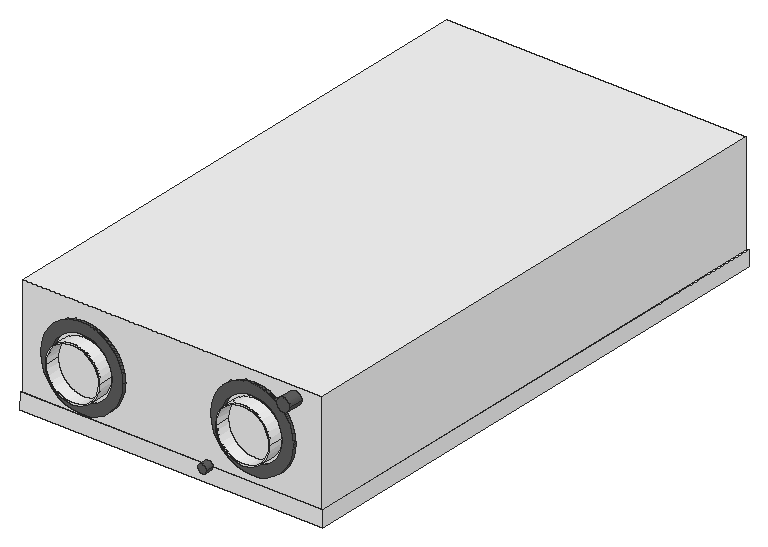
Revit family "result", category Mechanical Equipment, Revit 2022
Family settings
  Round Connector Dimension = Use Radius
  Part Type = Normal
  OmniClass Number = 23.75.10.00
  OmniClass Title = Transformation and Conversion of Energy
  Work Plane-Based = No
  Always vertical = No
  Cut with Voids When Loaded = No
  Maintain Annotation Orientation = No
  Shared = No
  Room Calculation Point = No
Parameters (values of type "-1-NEMBUS 210 R8  - Heat Recovery Units")
  spTamañoVentilador = 0 mm
  spRevision = ""
  spReferencia = ""
  spPresionSonoraRadiado = ""
  spPresionSonoraDescarga = ""
  spPresionSonoraAspiracion = ""
  spPotenciaUtil_Solucion = 0 W
  spPotenciaSonoraRadiado = ""
  spPotenciaSonoraDescarga = ""
  spPotenciaSonoraAspiracion = ""
  spPotenciaEspecifico_Solucion = ""
  spPotenciaElectrica_Solucion = 0 W
  spPosicion = ""
  spNombreProyecto = ""
  spLineaProyectoURL = ""
  spIntensidadMaximaAbsorbida = 0 A
  spIdProyecto = ""
  spDistanciaSonora = ""
  spDescripcionProductoEasyvent = ""
  spDescripcionComercialProducto = ""
  spConfiguracionProductoGenerico = ""
  spCodigoProductoEasyvent = ""
  spCodigoComercialProducto = ""
  spClaseMotor = ""
  spCantidadTotalProducto = ""
  spCantidadProducto = ""
  Total Flow [instance] = Flow 1 + Flow 2 + Flow 3 + Flow 4  # 0.0 L/s
  Radius Connector 1 = PE / 2  # 62.5 mm
  PowerFactor = 0.00%
  VelocidadRotacionNominal = ""
  Uniclass2.0Titulo = "Heat recovery distribution equipment"  # constant formula
  Uniclass2.0Codigo = "Pr_60_60_36"  # constant formula
  URLProducto = "https://www.solerpalau.com/"
  UNSPSCTitulo = "HVAC ventilation and duct work construction service"  # constant formula
  UNSPSCCodigo = "72151204"  # constant formula
  TensionNominal = 0 V
  PresionTotalNominal = 0.0 Pa
  PresionEstaticaNominal = 0.0 Pa
  Flow Drain = 0.0 L/s
  Flow 4 [instance] = 0.0 L/s
  Flow 3 [instance] = 0.0 L/s
  Flow 2 [instance] = 0.0 L/s
  Flow 1 [instance] = 0.0 L/s
  Default Elevation = 0 mm
  PresionDinamica = 0.0 Pa
  PesoBruto = 0.00 kg
  URL = "https://www.solerpalau.com/"
  PU = 9 mm
  PT = 16 mm
  PS = 270 mm
  PR = 235 mm
  PP = 158 mm
  PO = 391 mm
  PN = 141 mm
  PM = 122 mm
  PL = 134 mm
  PK = 147 mm
  PJ = 396 mm
  PII = 144 mm
  PH = 122 mm
  PG = 20 mm
  PF = 264 mm
  PE = 125 mm
  PD = 622 mm
  PC = 694 mm
  PB = 1252 mm
  PA = 1223 mm
  OmniclassTitulo = "Transformation and Conversion of Energy"  # constant formula
  OmniclassCodigo = "23.75.10.00"  # constant formula
  NumeroPolos = 1
  NumeroArticuloGlobalComercial = ""
  Model = ""
  Type Image = <None>
  Material Conector Bornes = SP_Plastic_Black
  Material Carcasa = SP_Plastic_Formed white
  MasterformatTitulo = "Air-to-Air Energy Recovery Equipment"  # constant formula
  MasterformatCodigo = "23 72 00"  # constant formula
  IndicePotenciaNominal = 0 W
  IndiceFlujoNominal = 0.0 L/s
  IfcExportType = "FIXEDPLATECROSSFLOWEXCHANGER"  # constant formula
  IfcExportAs = "IfcAirToAirHeatRecoveryType"  # constant formula
  Manufacturer = "S&P Sistemas de Ventilación S.L.U."  # constant formula
  DiametroImpulsor = 0 mm
  Description = "Domestic MVHR unit with high efficiency counterflow heat exchanger (up to 92%) and low consumption EC motors. The unit assures a continuous and balanced ventilation system, extracting moist stale air from the wet rooms and at the same time introducing a tempered and filtered fresh air to the habitable rooms.The optimized design allows compliance with the highest standards assuring a very low leakage level, high thermal insulation and a minimal sound level. The integrated humidity sensor allows an automatic function tracking the indoor humidity and proportionally adjusting the fans speed.Inlet/extraction filter G4 (ISO coarse 65%, at 140 m3 /h), F7 (ISO ePM1 70%, at 140 m3 /h). Option, M5 (ISO ePM10 50%, at 140 m3 /h). An integrated 100% bypass is activated either automatically or manually. The bypass is particularly useful when the indoors temperature is higher than outdoors and free cooling is preferable.The NEMBUS 210 R8  S&amp;P works at flow 200 m³/h and preasure 100 Pa."
  Type Comments = ""
  CorrienteNominal = 0 A
  Codigo_IP = ""
  Aux.PE = PE - 5 mm  # 120 mm
  Autor = "BIM6D"  # constant formula
  AplicacionDeVentilador = ""
Reference planes
  plane 1 "Centro (Frontal/Posterior)": y = 0
  plane 2: z = 0
  plane 3 "Centro (Izquierda/Derecha)": x = 0
  plane 4: y = 611.5
  plane 5: y = -611.5
  plane 6: y = 626
  plane 7: y = -626
  plane 8: x = -347
  plane 9: x = 347
  plane 10: x = -311
  plane 11: x = 311
  plane 12: x = 83
  plane 13: z = 267
  plane 14: z = 35
  plane 15: z = 270
  plane 16: y = 641
  plane 17: y = -641
  plane 18: x = -203
  plane 19: z = 136
  plane 20: x = 188
  plane 21: z = 148
  plane 22: x = -344
  plane 23: x = -203
  plane 24: z = 137
  plane 25: x = 188
  plane 26: z = 149
  plane 27: x = -344
  plane 28: z = 126
  plane 29: z = 148
  plane 30: x = -197
  plane 31: x = 199
  plane 32: x = -344
  plane 33: z = 127
  plane 34: z = 149
  plane 35: x = -197
  plane 36: x = 199
  plane 37: x = -344
  plane 38: y = 160
  plane 39: y = -160
  plane 40: x = 188.756
Forms (mm)
  Extrusion 1, solid, material "SP_Plastic_Formed white" <- "Material Carcasa"
    sketch origin (-650.246, -1524, 303.5) x (-1, 0, 0) y (0, -1, 0)
      loop
        line (-303.246, -2135.5) -> (-303.246, -912.5) -> (-997.246, -912.5) -> (-997.246, -2135.5) -> (-303.246, -2135.5)
    from -303.5 to -267.5
  Extrusion 2, solid, material "SP_Plastic_Formed white" <- "Material Carcasa"
    sketch origin (-650.246, -1524, 303.5) x (-1, 0, 0) y (0, -1, 0)
      loop
        line (-306.246, -2132.5) -> (-306.246, -915.5) -> (-994.246, -915.5) -> (-994.246, -2132.5) -> (-306.246, -2132.5)
    from -268.5 to -36.5
  Extrusion 3, solid, material "SP_PVC_THERMOPLASTIC"
    sketch origin (-717.282, -611.5, 1200) x (-1, 0, 0) y (0, 0, -1)
      loop
        circle (-514.282, 1064) r 62.5
      loop
        circle (-905.282, 1052) r 62.5
      loop
        circle (-514.282, 1064) r 60
      loop
        circle (-905.282, 1052) r 60
    from -3 to 29.5
  Extrusion 4, solid, material "SP_Plastic_Black"
    sketch origin (-717.282, -611.5, 1200) x (-1, 0, 0) y (0, 0, -1)
      loop
        circle (-514.282, 1063) r 95
      loop
        circle (-514.282, 1063) r 70
      loop
        circle (-905.282, 1051) r 95
      loop
        circle (-905.282, 1051) r 70
    from -3 to 3
  Extrusion 5, solid, material "SP_PVC_THERMOPLASTIC"
    sketch origin (-717.282, 611.5, 1200) x (-1, 0, 0) y (0, 0, 1)
      loop
        circle (-520.282, -1074) r 60
      loop
        circle (-520.282, -1074) r 62.5
      loop
        circle (-916.282, -1052) r 60
      loop
        circle (-916.282, -1052) r 62.5
    from -3 to 29.5
  Extrusion 6, solid, material "SP_Plastic_Black"
    sketch origin (-717.282, 611.5, 1200) x (-1, 0, 0) y (0, 0, 1)
      loop
        circle (-916.282, -1051) r 95
      loop
        circle (-916.282, -1051) r 70
      loop
        circle (-520.282, -1073) r 95
      loop
        circle (-520.282, -1073) r 70
    from -3 to 3
  Extrusion 7, solid, material "SP_Plastic_Black" <- "Material Conector Bornes"
    sketch origin (-650.246, -1524, 303.5) x (-1, 0, 0) y (0, -1, 0)
      loop
        line (-839.002, -1684) -> (-839.002, -1364) -> (-994.246, -1364) -> (-994.246, -1684) -> (-839.002, -1684)
    from -303.5 to -304.5
  Extrusion 8, solid, material "SP_Plastic_Black"
    sketch origin (-717.282, -611.5, 1200) x (-1, 0, 0) y (0, 0, -1)
      loop
        circle (-998.897, 956.836) r 15
    from -3 to 29.5
  Extrusion 9, solid, material "SP_Plastic_Black"
    sketch origin (-717.282, 611.5, 1200) x (-1, 0, 0) y (0, 0, 1)
      loop
        circle (-800.282, -1165) r 10
    from -1237.5 to -1220
Dimensions and locks
  equal spacing: plane 5, plane 1 "Centro (Frontal/Posterior)", plane 4
  "PA": plane 5 to plane 4
  equal spacing: plane 7, plane 1 "Centro (Frontal/Posterior)", plane 6
  "PB": plane 7 to plane 6
  equal spacing: plane 8, plane 3 "Centro (Izquierda/Derecha)", plane 9
  "PC": plane 8 to plane 9
  equal spacing: plane 10, plane 3 "Centro (Izquierda/Derecha)", plane 11
  "PD": plane 10 to plane 11
  "PF": plane 12 to plane 9
  locked: plane 15 to plane 13 at 3
  "PS": plane 15 to level
  "PR": plane 15 to plane 14
  locked: plane 4 to Extrusion 2 sketch curve at 3
  locked: Extrusion 2 sketch curve to plane 9 at 3
  locked: plane 5 to Extrusion 2 sketch curve at 3
  locked: plane 8 to Extrusion 2 sketch curve at 3
  locked: plane 16 to plane 6 at 15
  locked: plane 17 to plane 7 at 15
  "PL": plane 15 to plane 19
  "PM": plane 15 to plane 21
  "PO": plane 20 to plane 18
  locked: plane 22 to plane 8 at 3
  "PN": plane 22 to plane 18
  "PO": plane 25 to plane 23
  "PN": plane 27 to plane 23
  "PII": plane 15 to plane 28
  "PH": plane 15 to plane 29
  locked: plane 32 to plane 8 at 3
  "PK": plane 30 to plane 32
  "PJ": plane 31 to plane 30
  "PK": plane 35 to plane 37
  "PJ": plane 36 to plane 35
  equal spacing: plane 39, plane 1 "Centro (Frontal/Posterior)", plane 38
  locked: plane 39 to plane 38 at 320
  locked: plane 40 to Extrusion 2 at 155.244
  locked: plane 13 to Extrusion 8 sketch curve at 23.836
  locked: Extrusion 8 sketch curve to plane 9 at 65.385
  "PE": diameter of Extrusion 3 sketch curve  (x2)
  "Aux.PE": diameter of Extrusion 3 sketch curve  (x2)
  diameter of Extrusion 4 sketch curve = 190 mm  (x2)
  diameter of Extrusion 4 sketch curve = 140 mm  (x2)
  "Aux.PE": diameter of Extrusion 5 sketch curve  (x2)
  "PE": diameter of Extrusion 5 sketch curve  (x2)
  diameter of Extrusion 6 sketch curve = 190 mm  (x2)
  diameter of Extrusion 6 sketch curve = 140 mm  (x2)
  diameter of Extrusion 9 sketch curve = 20 mm
  aligned and locked: level to plane 2
  aligned and locked: Extrusion 1 sketch curve to plane 4
  aligned and locked: plane 8 to Extrusion 1 sketch curve
  aligned and locked: Extrusion 1 sketch curve to plane 5
  aligned and locked: plane 9 to Extrusion 1 sketch curve
  aligned and locked: Extrusion 1 to level
  aligned and locked: Extrusion 2 to plane 14
  aligned and locked: plane 13 to Extrusion 2
  aligned and locked: plane 23 to Extrusion 4 sketch curve  (x2)
  aligned and locked: plane 24 to Extrusion 4 sketch curve  (x2)
  aligned and locked: plane 25 to Extrusion 4 sketch curve
  aligned and locked: plane 26 to Extrusion 4 sketch curve  (x2)
  aligned and locked: plane 17 to Extrusion 3
  aligned and locked: plane 30 to Extrusion 5 sketch curve  (x2)
  aligned and locked: plane 28 to Extrusion 5 sketch curve  (x2)
  aligned and locked: plane 31 to Extrusion 5 sketch curve  (x2)
  aligned and locked: plane 29 to Extrusion 5 sketch curve  (x2)
  aligned and locked: plane 16 to Extrusion 5
  aligned and locked: Extrusion 7 sketch curve to plane 38
  aligned and locked: plane 40 to Extrusion 7 sketch curve
  aligned and locked: Extrusion 7 sketch curve to plane 39
  aligned and locked: Extrusion 7 sketch curve to Extrusion 2
  aligned and locked: Extrusion 7 to level
  aligned and locked: plane 17 to Extrusion 8
  aligned and locked: plane 12 to Extrusion 9 sketch curve
  aligned and locked: plane 14 to Extrusion 9 sketch curve
  aligned and locked: plane 7 to Extrusion 9
  aligned and locked: Extrusion 4 to Extrusion 3
  aligned and locked: Extrusion 8 to Extrusion 3
  aligned and locked: Extrusion 6 to Extrusion 5
Automatic sketch dimensions
  Extrusion 3 sketch curve to Extrusion 3 sketch curve = 0 mm  (x4)
  Extrusion 3 sketch curve to plane 20 = 0 mm
  Extrusion 3 sketch curve to plane 18 = 0 mm
  Extrusion 3 sketch curve to plane 19 = 0 mm
  Extrusion 3 sketch curve to plane 21 = 0 mm
  Extrusion 4 sketch curve to Extrusion 4 sketch curve = 0 mm
  Extrusion 6 sketch curve to Extrusion 6 sketch curve = 0 mm  (x4)
  Extrusion 6 sketch curve to plane 34 = 0 mm
  Extrusion 6 sketch curve to plane 36 = 0 mm
  Extrusion 6 sketch curve to plane 33 = 0 mm
  Extrusion 6 sketch curve to plane 35 = 0 mm
  radius of Extrusion 8 sketch curve = 15 mm
Connectors
  hvac at (-203, -608.5, 136), driven by "Radius Connector 1", driven by "Flow 1"
    settings: on Extrusion 3, index 1, duct flow 0.0 L/s, flow factor 0, pres drop 0.0 Pa, loss coef 0, conn angle 0.00°, conn width 304.8 mm, conn height 304.8 mm, conn diameter 125 mm, duct sys type 29, conn prof type 0, flow config 0, flow direction 0, loss method 0, conn ref index -1, conn util no, is conn primary yes, conn desc ""
  hvac at (188, -608.5, 148), driven by "Radius Connector 1", driven by "Flow 2"
    settings: on Extrusion 3, index 2, duct flow 0.0 L/s, flow factor 0, pres drop 0.0 Pa, loss coef 0, conn angle 0.00°, conn width 304.8 mm, conn height 304.8 mm, conn diameter 125 mm, duct sys type 29, conn prof type 0, flow config 0, flow direction 0, loss method 0, conn ref index -1, conn util no, is conn primary no, conn desc ""
  hvac at (199, 608.5, 148), driven by "Radius Connector 1", driven by "Flow 3"
    settings: on Extrusion 5, index 3, duct flow 0.0 L/s, flow factor 0, pres drop 0.0 Pa, loss coef 0, conn angle 0.00°, conn width 304.8 mm, conn height 304.8 mm, conn diameter 125 mm, duct sys type 29, conn prof type 0, flow config 0, flow direction 0, loss method 0, conn ref index -1, conn util no, is conn primary no, conn desc ""
  hvac at (-197, 608.5, 126), driven by "Radius Connector 1", driven by "Flow 4"
    settings: on Extrusion 5, index 4, duct flow 0.0 L/s, flow factor 0, pres drop 0.0 Pa, loss coef 0, conn angle 0.00°, conn width 304.8 mm, conn height 304.8 mm, conn diameter 125 mm, duct sys type 29, conn prof type 0, flow config 0, flow direction 0, loss method 0, conn ref index -1, conn util no, is conn primary no, conn desc ""
  piping at (83, -626, 35), diameter 20, driven by "Flow Drain"
    settings: on Extrusion 9, index 5, connector inside diameter 609.6 mm, connector length 0 mm, flow factor 0, pipe flow 0.0 L/s, pressure drop 0.0 Pa, fitting loss kfactor 0, connector angle 0.00°, fixture units 0, engagement length 0 mm, angle of deflection 0.00°, flow configuration 1, flow direction 2, fitting loss method 0, system type 16, joint type 0, gender type 0, connector reference index -1, connector utility 0, adjustable connector no, is connector primary yes, connector description ""
  electrical at (281.615, -641, 243.164), driven by "NumeroPolos", driven by "TensionNominal", driven by "PowerFactor"
    settings: on Extrusion 8, index 6, voltage 0 V, apparent load 0 VA, apparent load phase1 0 VA, apparent load phase2 0 VA, apparent load phase3 0 VA, power factor 0, load classification "Other", number of poles 1, system type 31, power factor state 1, is connector primary yes, connector utility no, sub classification motor no, connector description ""
